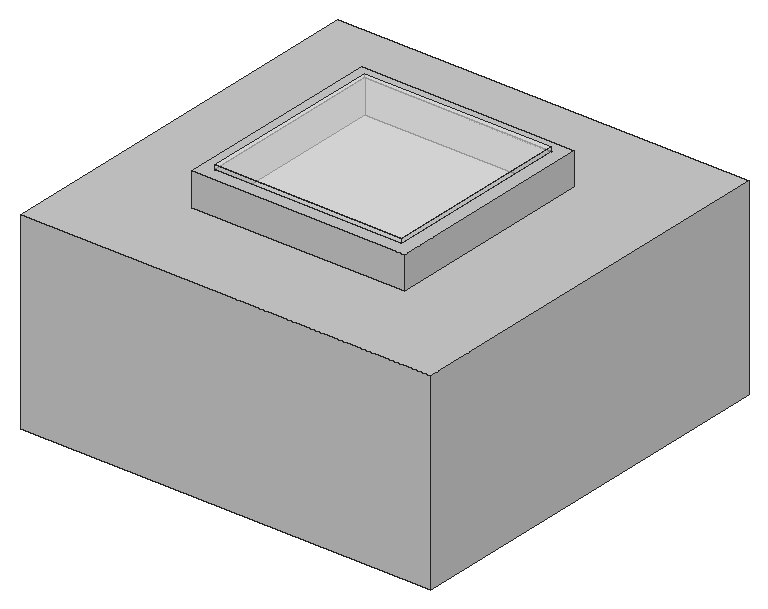
Revit family "Lighting-Recessed-Amerlux-E475SD-A15", category Lighting Fixtures, host Face, Revit 2014
Parameters (values of type "Trimless")
  Width = 10 1/16"
  Wattage = 9.2903 W
  built-in parameter 1150110 = 1 (stored number, unit not read)
  Voltage = 0 V
  URL = "http://www.amerlux.com/"
  Trim Size = 5 3/4"
  Trim [instance] = no
  built-in parameter 1114217 = 1 (stored number, unit not read)
  Tilt Angle = -90.00°
  built-in parameter 1150109 = 1 (stored number, unit not read)
  built-in parameter 1150134 = 3
  built-in parameter 1150113 = 1 (stored number, unit not read)
  Power Factor = 1
  Photometric Web File = "generic"
  Number of Poles = 1
  built-in parameter 1150142 = (empty or 0)
  Model Number = ""
  Model = "E475SD-A15"
  Manufacturer = "Amerlux"
  built-in parameter 1150105 = 109.82 (stored number, unit not read)
  Lumens = 1380 lm
  built-in parameter 1150115 = 1 (stored number, unit not read)
  built-in parameter 1150137 = (empty or 0)
  built-in parameter 1150139 = (empty or 0)
  Length = 14 1/2"
  built-in parameter 1150112 = 1 (stored number, unit not read)
  built-in parameter 1150114 = 1 (stored number, unit not read)
  Lamp = "LED"
  built-in parameter 1150132 = (empty or 0)
  built-in parameter 1150102 = (empty or 0)
  built-in parameter 1150107 = 3200 (stored number, unit not read)
  built-in parameter 1150138 = (empty or 0)
  built-in parameter 1150106 = 1.0982 (stored number, unit not read)
  Height = 5 11/16"
  Emit from Rectangle Width = Aperture Size  # 4 3/4"
  Emit from Rectangle Length = Aperture Size  # 4 3/4"
  Emit Shape Visible in Rendering = no
  built-in parameter 1150104 = 13.8 (stored number, unit not read)
  Dimming Lamp Color Temperature Shift = <None>
  Dimming = ""
  Description = "4.5\" Square Downlight"
  Default Elevation = 48"
  Color Filter = 16777215
  built-in parameter 1114218 = 1 (stored number, unit not read)
  built-in parameter 1150133 = 10 (stored number, unit not read)
  Apparent Load = 0 VA
  Aperture Size = 4 3/4"
Types (3): name | Trim
  (no name) | no
  Trim | yes
  Trimless | no
Reference planes (in)
  plane 1 "Center (Front/Back)": y = 0
  plane 2: z = 0
  plane 3 "Center (Left/Right)": x = 0
  plane 4: x = -7.25
  plane 5: x = 7.25
  plane 6: z = -5.6875
  plane 7: y = 5.03125
  plane 8: y = -5.03125
Forms (in)
  Extrusion 1, solid, material "Housing"
    sketch origin (0, 0, 0) x (1, 0, 0) y (0, 1, 0)
      loop
        line (-5.16548, 5.03125) -> (-5.16548, -5.03125) -> (5.22568, -5.03125) -> (5.22568, 5.03125) -> (-5.16548, 5.03125)
    from -5.6875 to -0.8255
  Extrusion 2, void
    sketch origin (0, 0, 0) x (1, 0, 0) y (0, 1, 0)
      loop
        line (-2.375, 2.375) -> (-2.375, -2.375) -> (2.375, -2.375) -> (2.375, 2.375) -> (-2.375, 2.375)
    from -0.8255 to 0.08709
  Extrusion 3, solid, material "Trim Finish", visible <- "Trim"
    sketch origin (0, 0, 0) x (1, 0, 0) y (0, 1, 0)
      loop
        line (-2.375, 2.375) -> (-2.375, -2.375) -> (2.375, -2.375) -> (2.375, 2.375) -> (-2.375, 2.375)
      loop
        line (-2.875, 2.875) -> (-2.875, -2.875) -> (2.875, -2.875) -> (2.875, 2.875) -> (-2.875, 2.875)
    from 0 to 0.10768
  Extrusion 4, solid, material "Housing"
    sketch origin (0, 0, 0) x (1, 0, 0) y (0, 1, 0)
      loop
        line (-2.375, 2.375) -> (-2.375, -2.375) -> (2.375, -2.375) -> (2.375, 2.375) -> (-2.375, 2.375)
      loop
        line (-2.6875, 2.6875) -> (-2.6875, -2.6875) -> (2.6875, -2.6875) -> (2.6875, 2.6875) -> (-2.6875, 2.6875)
    from -0.8255 to 0
  Extrusion 5, solid, material "Lens"
    sketch origin (0, 0, 0) x (1, 0, 0) y (0, 1, 0)
      loop
        line (-2.375, 2.375) -> (-2.375, -2.375) -> (2.375, -2.375) -> (2.375, 2.375) -> (-2.375, 2.375)
    from 0 to 0.10768
Dimensions and locks (in)
  "Height": plane 6 to host face
  "Length": plane 4 to plane 5
  equal spacing: plane 7, plane 1 "Center (Front/Back)", plane 8
  equal spacing: plane 4, plane 3 "Center (Left/Right)", plane 5
  "Width": plane 7 to plane 8
  equal spacing: Extrusion 3 sketch curve, plane 1 "Center (Front/Back)", Extrusion 3 sketch curve  (x2)
  equal spacing: Extrusion 3 sketch curve, plane 3 "Center (Left/Right)", Extrusion 3 sketch curve  (x2)
  "Aperture Size": Extrusion 3 sketch curve to Extrusion 3 sketch curve  (x2)
  "Trim Size": Extrusion 3 sketch curve to Extrusion 3 sketch curve  (x2)
  locked: Extrusion 3 to Extrusion 4 sketch curve at 0.3125  (x3)
  locked: Extrusion 4 sketch curve to Extrusion 3 at 0.3125
  equal spacing: Extrusion 3, plane 3 "Center (Left/Right)", Extrusion 3
  "Aperture Size": Extrusion 4 sketch curve to Extrusion 4 sketch curve  (x2)
  equal spacing: Extrusion 3, plane 1 "Center (Front/Back)", Extrusion 3
  aligned and locked: plane 2 to host face
  aligned and locked: level to host face
  aligned and locked: Extrusion 1 to plane 6
  aligned and locked: Extrusion 1 to plane 8
  aligned and locked: plane 7 to Extrusion 1
  aligned and locked: Extrusion 4 sketch curve to Extrusion 3  (x2)
  aligned and locked: Extrusion 4 to Extrusion 1
  aligned and locked: level to Extrusion 4
  aligned and locked: Extrusion 2 sketch curve to Extrusion 3  (x4)
  aligned and locked: Extrusion 5 sketch curve to Extrusion 3  (x3)
Automatic sketch dimensions
  host sketch curve to host sketch curve = 54.51167"
  host sketch curve to host sketch curve = 52.40009"
  plane 4 to Extrusion 1 sketch curve = 2.08452"
  Extrusion 1 sketch curve to plane 5 = 2.02432"
  Extrusion 1 sketch curve to plane 8 = 0"
  Extrusion 1 sketch curve to plane 7 = 0"
  plane 3 "Center (Left/Right)" to Extrusion 5 sketch curve = 2 3/8"
Connectors (in)
  electrical at (0.0301, 0, -5.6875), driven by "Number of Poles", driven by "Voltage", driven by "Apparent Load", driven by "Power Factor"
    settings: on Extrusion 1, index 1, voltage 0 V, apparent load 0 VA, apparent load phase1 0 VA, apparent load phase2 0 VA, apparent load phase3 0 VA, power factor 1, load classification "Other", number of poles 1, system type 31, power factor state 1, is connector primary yes, connector utility no, sub classification motor no, connector description "Power"
